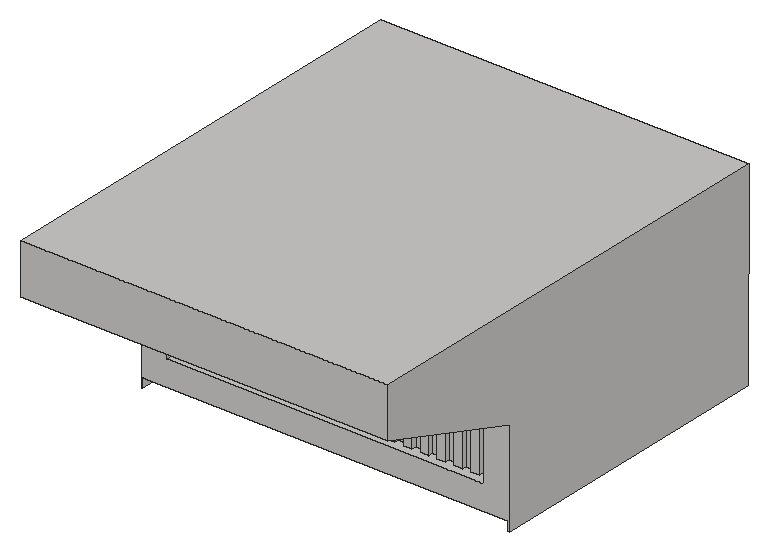
Revit family "QF_ZANUSSI_922733_HOEX61011", category Specialty Equipment, Revit 2018
Family settings
  Round Connector Dimension = Use Diameter
  Part Type = Normal
  Work Plane-Based = No
  Always vertical = Yes
  Cut with Voids When Loaded = No
  Shared = No
  Room Calculation Point = No
Parameters
  Weight = 0.00 kg
  Watts = 0 W
  Volts = 0 V
  URL Manufacturer = "http://www.zanussiprofessional.com"
  URL = "http://www.zanussiprofessional.com"
  Steam Supply Size = 0 mm
  Steam Supply Minimum Pressure = 0.0 Pa
  Steam Supply Maximum Pressure = 0.0 Pa
  Steam Pounds per Hour = 0
  Show Logo [instance] = yes
  Show Clearance [instance] = yes
  Refrigeration Suction Line Size = 0 mm
  Refrigeration Liquid Line Size = 0 mm
  Refrigerant Compressor Remote = yes
  Manufacturer = "Zanussi"
  Phase = 0
  Model = "HOEX61011"
  Length Actual = 880 mm  # constant formula
  Item Number = "922733"
  Hot Water Size = 0 mm
  Height Actual = 480 mm  # constant formula
  HP = "0 HP"
  Gas Size = 0 mm
  Gas KW = 0
  Gas Input Pressure = 0 W
  Direct Waste Size = 0 mm
  Description = "EXHAUST HOOD WITHOUT FAN FOR 6&10 GN 1/1 OVEN"
  Depth Actual = 1100 mm  # constant formula
  Cycle = 0 Hz
  Condensate Return Size = 0 mm
  Compressed Air Volume = 0.0 L/s
  Compressed Air Size = 0 mm
  Compressed Air Pressure = 0.0 Pa
  Cold Water Size = 0 mm
  Accessory = yes
Reference planes
  plane 1 "Center X": y = 92.351
  plane 2: z = 0
  plane 3 "Center Y": x = -326.5
  plane 4 "LEFT": x = -760
  plane 5 "BACK": y = 479.851
  plane 6 "RIGHT": x = 107
  plane 7 "FRONT": y = -295.149
  plane 8 "TOP": z = 1728
  plane 9: y = -590.149
  plane 10: x = -764
  plane 11: x = 111
  plane 12: z = 2178
Forms (mm)
  Extrusion 1, solid, material "QF_Clearance", visible <- "Show Clearance", detail levels coarse
    sketch origin (0, 0, 0) x (1, 0, 0) y (0, 1, 0)
      loop
        line (-764, 479.851) -> (111, 479.851) -> (111, 629.851) -> (-764, 629.851) -> (-764, 479.851)
    from 1707 to 2178
  Extrusion 2, solid, material "QF_Clearance", visible <- "Show Clearance", detail levels coarse
    sketch origin (-1150.39, -1524, 2178) x (-1, 0, 0) y (0, -1, 0)
      loop
        line (-386.39, -933.851) -> (-1261.39, -933.851) -> (-1261.39, -2153.851) -> (-386.39, -2153.851) -> (-386.39, -933.851)
    from 450 to 0
  Extrusion 3, solid, material "QF_Finishes_Stainless Steel"
    sketch origin (-764, 902.856, 4000) x (0, 1, 0) y (0, 0, 1)
      loop
        line (-423.005, -2272) -> (-423.005, -1822) -> (-1493.005, -1822) -> (-1493.005, -1942.064) -> (-1133.005, -2066.021) -> (-1133.005, -2272) -> (-423.005, -2272)
    from 60 to 0
  Extrusion 4, solid, material "QF_Finishes_Stainless Steel"
    sketch origin (111, 902.856, 4000) x (0, 1, 0) y (0, 0, 1)
      loop
        line (-423.005, -2272) -> (-423.005, -1822) -> (-1493.005, -1822) -> (-1493.005, -1942.064) -> (-1133.005, -2066.021) -> (-1133.005, -2272) -> (-423.005, -2272)
    from -60 to 0
  Extrusion 5, solid, material "QF_Finishes_Stainless Steel"
    sketch origin (-326.5, 0, 0) x (0, 1, 0) y (0, 0, 1)
      loop
        line (479.851, 1728) -> (479.851, 2178) -> (-590.149, 2178) -> (-590.149, 2057.936) -> (-210.149, 2057.936) -> (-210.149, 1788) -> (-230.149, 1788) -> (-230.149, 1728) -> (479.851, 1728)
    from -377.5 to 377.5
  Extrusion 6, solid, material "QF_Finishes_Stainless Steel"
    sketch origin (0, -295.149, 0) x (-1, 0, 0) y (0, 0, 1)
      loop
        line (764, 1728) -> (760, 1728) -> (760, 1707) -> (764, 1707) -> (764, 1728)
      loop
        line (-107, 1728) -> (-111, 1728) -> (-111, 1707) -> (-107, 1707) -> (-107, 1728)
    from 65 to 775
  Extrusion 7, solid, material "QF_Finishes_Stainless Steel"
    sketch origin (0, 479.851, 0) x (-1, 0, 0) y (0, 0, 1)
      loop
        circle (-86, 2113) r 8
      loop
        circle (326.5, 1746) r 7
    from 0 to 20
  Extrusion 8, void
    sketch origin (0, 0, 0) x (1, 0, 0) y (0, 1, 0)
      loop
        line (-696.5, -200.149) -> (-696.5, -210.149) -> (-676.5, -210.149) -> (-676.5, -200.149) -> (-696.5, -200.149)
      loop
        line (-656.5, -200.149) -> (-656.5, -210.149) -> (-636.5, -210.149) -> (-636.5, -200.149) -> (-656.5, -200.149)
      loop
        line (-616.5, -200.149) -> (-616.5, -210.149) -> (-596.5, -210.149) -> (-596.5, -200.149) -> (-616.5, -200.149)
      loop
        line (-576.5, -200.149) -> (-576.5, -210.149) -> (-556.5, -210.149) -> (-556.5, -200.149) -> (-576.5, -200.149)
      loop
        line (-536.5, -200.149) -> (-536.5, -210.149) -> (-516.5, -210.149) -> (-516.5, -200.149) -> (-536.5, -200.149)
      loop
        line (-496.5, -200.149) -> (-496.5, -210.149) -> (-476.5, -210.149) -> (-476.5, -200.149) -> (-496.5, -200.149)
      loop
        line (-456.5, -200.149) -> (-456.5, -210.149) -> (-436.5, -210.149) -> (-436.5, -200.149) -> (-456.5, -200.149)
      loop
        line (-416.5, -200.149) -> (-416.5, -210.149) -> (-396.5, -210.149) -> (-396.5, -200.149) -> (-416.5, -200.149)
      loop
        line (-376.5, -200.149) -> (-376.5, -210.149) -> (-356.5, -210.149) -> (-356.5, -200.149) -> (-376.5, -200.149)
      loop
        line (-336.5, -200.149) -> (-336.5, -210.149) -> (-316.5, -210.149) -> (-316.5, -200.149) -> (-336.5, -200.149)
      loop
        line (-296.5, -200.149) -> (-296.5, -210.149) -> (-276.5, -210.149) -> (-276.5, -200.149) -> (-296.5, -200.149)
      loop
        line (-256.5, -200.149) -> (-256.5, -210.149) -> (-236.5, -210.149) -> (-236.5, -200.149) -> (-256.5, -200.149)
      loop
        line (-216.5, -200.149) -> (-216.5, -210.149) -> (-196.5, -210.149) -> (-196.5, -200.149) -> (-216.5, -200.149)
      loop
        line (-176.5, -200.149) -> (-176.5, -210.149) -> (-156.5, -210.149) -> (-156.5, -200.149) -> (-176.5, -200.149)
      loop
        line (-136.5, -200.149) -> (-136.5, -210.149) -> (-116.5, -210.149) -> (-116.5, -200.149) -> (-136.5, -200.149)
      loop
        line (-96.5, -200.149) -> (-96.5, -210.149) -> (-76.5, -210.149) -> (-76.5, -200.149) -> (-96.5, -200.149)
      loop
        line (-56.5, -200.149) -> (-56.5, -210.149) -> (-36.5, -210.149) -> (-36.5, -200.149) -> (-56.5, -200.149)
      loop
        line (-16.5, -200.149) -> (-16.5, -210.149) -> (3.5, -210.149) -> (3.5, -200.149) -> (-16.5, -200.149)
      loop
        line (23.5, -200.149) -> (23.5, -210.149) -> (43.5, -210.149) -> (43.5, -200.149) -> (23.5, -200.149)
    from 1788 to 2057.936
Cuts and joins
  joined: Extrusion 1, Extrusion 2
  Extrusion 8 cuts Extrusion 3
  Extrusion 8 cuts Extrusion 4
  Extrusion 8 cuts Extrusion 5
  Extrusion 8 cuts Extrusion 6
  Extrusion 8 cuts Extrusion 7
  joined: Extrusion 3, Extrusion 4, Extrusion 5, Extrusion 6, Extrusion 7
Lines and regions (mm)
  symbolic lines, style "QF_Clearances", visible <- "Show Clearance"
    curve 1: line (111, 629.851, 0) -> (-764, 629.851, 0)
  symbolic lines, style "Linee tratto punto"
    curve 2: line (-764, 479.851, 0) -> (111, 479.851, 0)
    curve 3: line (-764, -590.149, 0) -> (-764, 479.851, 0)
    curve 4: line (111, -590.149, 0) -> (-764, -590.149, 0)
    curve 5: line (111, 479.851, 0) -> (111, -590.149, 0)
    curve 16: line (-764, -590.149, 0) -> (111, 479.851, 0)
    curve 17: line (-764, 479.851, 0) -> (111, -590.149, 0)
  symbolic lines
    curve 6: line (-333.5, 499.851, 0) -> (-319.5, 499.851, 0)
    curve 7: line (-319.5, 499.851, 0) -> (-319.5, 479.851, 0)
    curve 8: line (-333.5, 499.851, 0) -> (-333.5, 479.851, 0)
    curve 9: line (94, 499.851, 0) -> (94, 479.851, 0)
    curve 10: line (94, 499.851, 0) -> (78, 499.851, 0)
    curve 11: line (78, 499.851, 0) -> (78, 479.851, 0)
  symbolic lines, style "SpecialityEquipmentHiddenLines"
    curve 12: line (-334, 338.851, 0) -> (-34, 338.851, 0)
    curve 13: line (-334, 38.851, 0) -> (-334, 338.851, 0)
    curve 14: line (-34, 38.851, 0) -> (-334, 38.851, 0)
    curve 15: line (-34, 338.851, 0) -> (-34, 38.851, 0)
Dimensions and locks
  equal spacing: plane 4 "LEFT", plane 3 "Center Y", plane 6 "RIGHT"
  plane 10 to plane 11 = 875 mm
  plane 5 "BACK" to plane 9 = 1070 mm
  equal spacing: plane 5 "BACK", plane 1 "Center X", plane 7 "FRONT"
  locked: plane 10 to plane 4 "LEFT" at 4
  locked: plane 6 "RIGHT" to plane 11 at 4
  cut or joined group of Extrusion 3, Extrusion 4, Extrusion 5, Extrusion 6, Extrusion 7, Extrusion 8 to Extrusion 7 sketch curve = 39 mm
  Extrusion 7 sketch curve to plane 12 = 65 mm
  plane 11 to Extrusion 7 sketch curve = 25 mm
  aligned and locked: level to plane 2
Automatic sketch dimensions
  Extrusion 1 sketch curve to plane 10 = 0 mm
  Extrusion 1 sketch curve to plane 11 = 0 mm
  Extrusion 1 sketch curve to plane 5 "BACK" = 0 mm
  plane 5 "BACK" to Extrusion 1 sketch curve = 150 mm
  Extrusion 2 sketch curve to plane 9 = 0 mm
  Extrusion 2 sketch curve to plane 11 = 0 mm
  Extrusion 2 sketch curve to plane 10 = 0 mm
  plane 5 "BACK" to Extrusion 2 sketch curve = 150 mm
  Extrusion 5 sketch curve to plane 9 = 0 mm
  Extrusion 5 sketch curve to plane 8 "TOP" = 0 mm
  Extrusion 5 sketch curve to plane 5 "BACK" = 0 mm
  Extrusion 5 sketch curve to plane 12 = 0 mm
  plane 7 "FRONT" to Extrusion 5 sketch curve = 65 mm
  plane 7 "FRONT" to Extrusion 5 sketch curve = 85 mm
  plane 8 "TOP" to Extrusion 5 sketch curve = 60 mm
  Extrusion 5 sketch curve to plane 12 = 120.064 mm
  Extrusion 6 sketch curve to plane 8 "TOP" = 0 mm  (x2)
  Extrusion 6 sketch curve to plane 11 = 0 mm
  Extrusion 6 sketch curve to plane 6 "RIGHT" = 0 mm
  Extrusion 6 sketch curve to plane 4 "LEFT" = 0 mm
  Extrusion 6 sketch curve to plane 10 = 0 mm
  Extrusion 6 sketch curve to plane 8 "TOP" = 21 mm
  Extrusion 6 sketch curve to Extrusion 6 sketch curve = 21 mm
  Extrusion 7 sketch curve to plane 3 "Center Y" = 0 mm
  curve 1 to plane 10 = 0 mm
  curve 4 to plane 10 = 0 mm
  curve 1 to plane 11 = 0 mm
  curve 16 to plane 5 "BACK" = 0 mm
  curve 16 to plane 11 = 0 mm
  curve 5 to plane 9 = 0 mm
  curve 8 to plane 3 "Center Y" = 7 mm
  plane 3 "Center Y" to curve 6 = 7 mm
  curve 12 to plane 3 "Center Y" = 7.5 mm
  curve 15 to plane 6 "RIGHT" = 141 mm
  curve 11 to plane 6 "RIGHT" = 29 mm
  curve 9 to plane 6 "RIGHT" = 13 mm
  plane 1 "Center X" to curve 14 = 53.5 mm
  curve 12 to plane 5 "BACK" = 141 mm
  curve 9 to curve 10 = 20 mm
  plane 5 "BACK" to curve 8 = 20 mm
  curve 9 to curve 1 = 130 mm
  Extrusion 4 sketch curve to plane 9 = 0 mm
  Extrusion 4 sketch curve to plane 8 "TOP" = 0 mm
  Extrusion 4 sketch curve to plane 5 "BACK" = 0 mm
  Extrusion 4 sketch curve to plane 12 = 0 mm
  plane 7 "FRONT" to Extrusion 4 sketch curve = 65 mm
  plane 8 "TOP" to Extrusion 4 sketch curve = 205.979 mm
  Extrusion 4 sketch curve to Extrusion 4 sketch curve = 120.064 mm
  Extrusion 3 sketch curve to plane 9 = 0 mm
  Extrusion 3 sketch curve to plane 8 "TOP" = 0 mm
  Extrusion 3 sketch curve to plane 5 "BACK" = 0 mm
  Extrusion 3 sketch curve to plane 12 = 0 mm
  plane 7 "FRONT" to Extrusion 3 sketch curve = 65 mm
  plane 8 "TOP" to Extrusion 3 sketch curve = 205.979 mm
  Extrusion 3 sketch curve to Extrusion 3 sketch curve = 120.064 mm
  plane 4 "LEFT" to Extrusion 8 sketch curve = 63.5 mm
  Extrusion 8 sketch curve to Extrusion 8 sketch curve = 20 mm  (x35)
  Extrusion 8 sketch curve to plane 3 "Center Y" = 30 mm
  Extrusion 8 sketch curve to plane 3 "Center Y" = 10 mm
  plane 7 "FRONT" to Extrusion 8 sketch curve = 85 mm  (x2)
  Extrusion 8 sketch curve to Extrusion 8 sketch curve = 0 mm  (x17)
  Extrusion 8 sketch curve to Extrusion 8 sketch curve = 10 mm  (x19)
  radius of Extrusion 7 sketch curve = 8 mm
  radius of Extrusion 7 sketch curve = 7 mm
Connectors
  electrical at (86, 499.851, 2113)
    settings: on cut or joined group of Extrusion 3, Extrusion 4, Extrusion 5, Extrusion 6, Extrusion 7, Extrusion 8, index 1, voltage 0 V, apparent load 0 VA, apparent load phase1 0 VA, apparent load phase2 0 VA, apparent load phase3 0 VA, power factor 1, load classification "Altro", number of poles 1, system type 30, power factor state 1, is connector primary yes, connector utility no, sub classification motor no, connector description "Electrical Connection"
  piping at (-326.5, 499.851, 1746), diameter 14
    settings: on cut or joined group of Extrusion 3, Extrusion 4, Extrusion 5, Extrusion 6, Extrusion 7, Extrusion 8, index 2, connector inside diameter 609.6 mm, connector length 0 mm, flow factor 0, pipe flow 0.0 L/s, pressure drop 0.0 Pa, fitting loss kfactor 0, connector angle 0.00°, fixture units 0, engagement length 0 mm, angle of deflection 0.00°, flow configuration 1, flow direction 2, fitting loss method 0, system type 16, joint type 0, gender type 0, connector reference index -1, connector utility 0, adjustable connector no, is connector primary yes, connector description "Drain"
